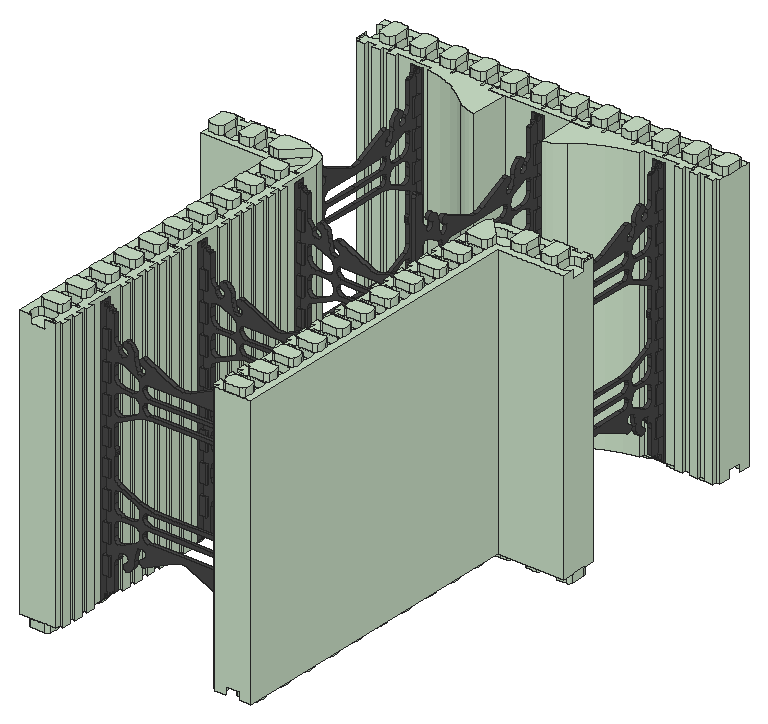
Revit family (continued)
Definition of nested family "NUDURA Logo Diamond"
  Lines and regions (mm)
    model lines
      curve 188: line (300.341, 0, 198.747) -> (300.341, 0, 201.381)
      curve 189: line (301.888, 0, 202.62) -> (312.702, 0, 200.199)
      curve 190: line (312.702, 0, 200.199) -> (312.702, 0, 206.628)
      curve 191: line (312.702, 0, 206.628) -> (306.843, 0, 207.728)
      curve 192: line (312.702, 0, 212.942) -> (312.702, 0, 227.241)
      curve 193: line (312.702, 0, 227.241) -> (309.138, 0, 228.034)
      curve 194: line (309.138, 0, 228.034) -> (309.138, 0, 217.291)
      curve 195: line (312.702, 0, 228.039) -> (312.702, 0, 234.164)
      curve 196: line (312.702, 0, 234.164) -> (302.326, 0, 236.488)
      curve 197: line (300.341, 0, 238.966) -> (300.341, 0, 241.6)
      curve 198: line (301.736, 0, 242.874) -> (312.702, 0, 240.418)
      curve 199: line (312.702, 0, 240.418) -> (312.702, 0, 253.611)
      curve 200: line (312.702, 0, 253.611) -> (302.429, 0, 255.912)
      curve 201: line (302.429, 0, 255.912) -> (312.702, 0, 259.27)
      curve 202: line (312.702, 0, 259.27) -> (312.702, 0, 269.344)
      curve 203: arc (296.768, 0, 245.246) -> (298.145, 0, 248.178) -> (301.281, 0, 248.991) r 3.81
      curve 204: arc (296.768, 0, 237.71) -> (298.44, 0, 232.946) -> (302.723, 0, 230.274) r 7.62
      curve 205: arc (300.842, 0, 208.826) -> (297.87, 0, 211.5) -> (296.768, 0, 215.343) r 7.251
      curve 206: arc (296.768, 0, 205.027) -> (297.979, 0, 207.812) -> (300.842, 0, 208.826) r 3.808
      curve 207: arc (296.768, 0, 197.49) -> (298.44, 0, 192.727) -> (302.723, 0, 190.055) r 7.62
      curve 208: arc (300.341, 0, 198.747) -> (300.898, 0, 197.159) -> (302.326, 0, 196.268) r 2.54
      curve 209: arc (300.341, 0, 201.381) -> (300.817, 0, 202.372) -> (301.888, 0, 202.62) r 1.27
      curve 210: arc (307.868, 0, 175.363) -> (306.969, 0, 175.735) -> (306.598, 0, 176.633) r 1.27
      curve 211: arc (308.892, 0, 175.363) -> (309.79, 0, 175.735) -> (310.162, 0, 176.633) r 1.27
      curve 212: arc (304.058, 0, 177.654) -> (303.686, 0, 176.756) -> (302.788, 0, 176.384) r 1.27
      curve 213: arc (302.342, 0, 169.594) -> (303.976, 0, 170.198) -> (304.826, 0, 171.718) r 2.516
      curve 214: arc (304.826, 0, 171.718) -> (309.07, 0, 168.432) -> (312.702, 0, 172.383) r 3.966
      curve 215: arc (306.843, 0, 207.728) -> (310.942, 0, 209.02) -> (312.702, 0, 212.942) r 5.249
      curve 216: arc (300.341, 0, 217.291) -> (304.739, 0, 212.893) -> (309.138, 0, 217.291) r 4.398
      curve 217: arc (300.341, 0, 238.966) -> (300.898, 0, 237.378) -> (302.326, 0, 236.488) r 2.54
      curve 218: arc (300.341, 0, 241.6) -> (300.886, 0, 242.648) -> (302.057, 0, 242.802) r 1.279
      curve 219: arc (285.685, 0, 308.065) -> (288.475, 0, 314.8) -> (295.21, 0, 317.59) r 9.525
      curve 220: arc (314.26, 0, 317.59) -> (320.995, 0, 314.8) -> (323.785, 0, 308.065) r 9.525
      curve 221: arc (285.685, 0, 149.315) -> (288.475, 0, 142.58) -> (295.21, 0, 139.79) r 9.525
      curve 222: arc (314.26, 0, 139.79) -> (320.995, 0, 142.58) -> (323.785, 0, 149.315) r 9.525
      curve 223: line (253.935, 0, 457.2) -> (253.935, 0, 0)
      curve 224: line (355.535, 0, 457.2) -> (355.535, 0, 0)
      curve 225: line (406.335, 0, 457.2) -> (406.335, 0, 0)
Definition of nested family "NUDURA Diamond Pattern Missing Two Lines"
  Reference planes
    plane 1 "Center (Front/Back)": y = 0
    plane 2: z = 0
    plane 3 "Center (Left/Right)": x = 0
    plane 4: z = 457.2
  Lines and regions (mm)
    model lines
      curve 1: line (50.8, -142.875, 457.2) -> (50.8, -142.875, 0)
      curve 2: line (85.183, -142.875, 431.415) -> (93.906, -142.875, 422.692)
      curve 3: arc (85.183, -142.875, 444.885) -> (82.394, -142.875, 438.15) -> (85.183, -142.875, 431.415) r 9.525
      curve 4: line (94.708, -142.875, 454.41) -> (85.183, -142.875, 444.885)
      curve 5: arc (108.179, -142.875, 454.41) -> (101.444, -142.875, 457.2) -> (94.708, -142.875, 454.41) r 9.525
      curve 6: line (117.704, -142.875, 444.885) -> (108.179, -142.875, 454.41)
      curve 7: arc (117.704, -142.875, 431.415) -> (120.494, -142.875, 438.15) -> (117.704, -142.875, 444.885) r 9.525
      curve 8: line (108.981, -142.875, 422.692) -> (117.704, -142.875, 431.415)
      curve 9: arc (105.934, -142.875, 452.165) -> (101.444, -142.875, 454.025) -> (96.953, -142.875, 452.165) r 6.35
      curve 10: line (115.459, -142.875, 442.64) -> (105.934, -142.875, 452.165)
      curve 11: arc (115.459, -142.875, 433.66) -> (117.319, -142.875, 438.15) -> (115.459, -142.875, 442.64) r 6.35
      curve 12: line (105.934, -142.875, 424.135) -> (115.459, -142.875, 433.66)
      curve 13: arc (96.953, -142.875, 424.135) -> (101.444, -142.875, 422.275) -> (105.934, -142.875, 424.135) r 6.35
      curve 14: line (87.428, -142.875, 433.66) -> (96.953, -142.875, 424.135)
      curve 15: arc (87.428, -142.875, 442.64) -> (85.569, -142.875, 438.15) -> (87.428, -142.875, 433.66) r 6.35
      curve 16: line (96.953, -142.875, 452.165) -> (87.428, -142.875, 442.64)
      curve 17: arc (93.906, -142.875, 415.508) -> (95.394, -142.875, 419.1) -> (93.906, -142.875, 422.692) r 5.08
      curve 18: line (117.704, -142.875, 406.785) -> (108.981, -142.875, 415.508)
      curve 19: arc (117.704, -142.875, 393.315) -> (120.494, -142.875, 400.05) -> (117.704, -142.875, 406.785) r 9.525
      curve 20: line (108.981, -142.875, 384.592) -> (117.704, -142.875, 393.315)
      curve 21: line (85.183, -142.875, 393.315) -> (93.906, -142.875, 384.592)
      curve 22: arc (85.183, -142.875, 406.785) -> (82.394, -142.875, 400.05) -> (85.183, -142.875, 393.315) r 9.525
      curve 23: line (93.906, -142.875, 415.508) -> (85.183, -142.875, 406.785)
      curve 24: arc (105.934, -142.875, 414.065) -> (101.444, -142.875, 415.925) -> (96.953, -142.875, 414.065) r 6.35
      curve 25: line (96.953, -142.875, 414.065) -> (87.428, -142.875, 404.54)
      curve 26: arc (87.428, -142.875, 404.54) -> (85.569, -142.875, 400.05) -> (87.428, -142.875, 395.56) r 6.35
      curve 27: line (87.428, -142.875, 395.56) -> (96.953, -142.875, 386.035)
      curve 28: arc (96.953, -142.875, 386.035) -> (101.444, -142.875, 384.175) -> (105.934, -142.875, 386.035) r 6.35
      curve 29: line (105.934, -142.875, 386.035) -> (115.459, -142.875, 395.56)
      curve 30: arc (115.459, -142.875, 395.56) -> (117.319, -142.875, 400.05) -> (115.459, -142.875, 404.54) r 6.35
      curve 31: line (115.459, -142.875, 404.54) -> (105.934, -142.875, 414.065)
      curve 32: arc (93.906, -142.875, 377.408) -> (95.394, -142.875, 381) -> (93.906, -142.875, 384.592) r 5.08
      curve 33: line (117.704, -142.875, 368.685) -> (108.981, -142.875, 377.408)
      curve 34: arc (117.704, -142.875, 355.215) -> (120.494, -142.875, 361.95) -> (117.704, -142.875, 368.685) r 9.525
      curve 35: line (108.981, -142.875, 346.492) -> (117.704, -142.875, 355.215)
      curve 36: line (85.183, -142.875, 355.215) -> (93.906, -142.875, 346.492)
      curve 37: arc (85.183, -142.875, 368.685) -> (82.394, -142.875, 361.95) -> (85.183, -142.875, 355.215) r 9.525
      curve 38: line (93.906, -142.875, 377.408) -> (85.183, -142.875, 368.685)
      curve 39: arc (105.934, -142.875, 375.965) -> (101.444, -142.875, 377.825) -> (96.953, -142.875, 375.965) r 6.35
      curve 40: line (96.953, -142.875, 375.965) -> (87.428, -142.875, 366.44)
      curve 41: arc (87.428, -142.875, 366.44) -> (85.569, -142.875, 361.95) -> (87.428, -142.875, 357.46) r 6.35
      curve 42: line (87.428, -142.875, 357.46) -> (96.953, -142.875, 347.935)
      curve 43: arc (96.953, -142.875, 347.935) -> (101.444, -142.875, 346.075) -> (105.934, -142.875, 347.935) r 6.35
      curve 44: line (105.934, -142.875, 347.935) -> (115.459, -142.875, 357.46)
      curve 45: arc (115.459, -142.875, 357.46) -> (117.319, -142.875, 361.95) -> (115.459, -142.875, 366.44) r 6.35
      curve 46: line (115.459, -142.875, 366.44) -> (105.934, -142.875, 375.965)
      curve 47: arc (93.906, -142.875, 339.308) -> (95.394, -142.875, 342.9) -> (93.906, -142.875, 346.492) r 5.08
      curve 48: line (117.704, -142.875, 330.585) -> (108.981, -142.875, 339.308)
      curve 49: arc (117.704, -142.875, 317.115) -> (120.494, -142.875, 323.85) -> (117.704, -142.875, 330.585) r 9.525
      curve 50: line (108.981, -142.875, 308.392) -> (117.704, -142.875, 317.115)
      curve 51: line (85.183, -142.875, 317.115) -> (93.906, -142.875, 308.392)
      curve 52: arc (85.183, -142.875, 330.585) -> (82.394, -142.875, 323.85) -> (85.183, -142.875, 317.115) r 9.525
      curve 53: line (93.906, -142.875, 339.308) -> (85.183, -142.875, 330.585)
      curve 54: arc (105.934, -142.875, 337.865) -> (101.444, -142.875, 339.725) -> (96.953, -142.875, 337.865) r 6.35
      curve 55: line (96.953, -142.875, 337.865) -> (87.428, -142.875, 328.34)
      curve 56: arc (87.428, -142.875, 328.34) -> (85.569, -142.875, 323.85) -> (87.428, -142.875, 319.36) r 6.35
      curve 57: line (87.428, -142.875, 319.36) -> (96.953, -142.875, 309.835)
      curve 58: arc (96.953, -142.875, 309.835) -> (101.444, -142.875, 307.975) -> (105.934, -142.875, 309.835) r 6.35
      curve 59: line (105.934, -142.875, 309.835) -> (115.459, -142.875, 319.36)
      curve 60: arc (115.459, -142.875, 319.36) -> (117.319, -142.875, 323.85) -> (115.459, -142.875, 328.34) r 6.35
      curve 61: line (115.459, -142.875, 328.34) -> (105.934, -142.875, 337.865)
      curve 62: arc (93.906, -142.875, 301.208) -> (95.394, -142.875, 304.8) -> (93.906, -142.875, 308.392) r 5.08
      curve 63: line (117.704, -142.875, 292.485) -> (108.981, -142.875, 301.208)
      curve 64: arc (117.704, -142.875, 279.015) -> (120.494, -142.875, 285.75) -> (117.704, -142.875, 292.485) r 9.525
      curve 65: line (108.981, -142.875, 270.292) -> (117.704, -142.875, 279.015)
      curve 66: line (85.183, -142.875, 279.015) -> (93.906, -142.875, 270.292)
      curve 67: arc (85.183, -142.875, 292.485) -> (82.394, -142.875, 285.75) -> (85.183, -142.875, 279.015) r 9.525
      curve 68: line (93.906, -142.875, 301.208) -> (85.183, -142.875, 292.485)
      curve 69: arc (105.934, -142.875, 299.765) -> (101.444, -142.875, 301.625) -> (96.953, -142.875, 299.765) r 6.35
      curve 70: line (96.953, -142.875, 299.765) -> (87.428, -142.875, 290.24)
      curve 71: arc (87.428, -142.875, 290.24) -> (85.569, -142.875, 285.75) -> (87.428, -142.875, 281.26) r 6.35
      curve 72: line (87.428, -142.875, 281.26) -> (96.953, -142.875, 271.735)
      curve 73: arc (96.953, -142.875, 271.735) -> (101.444, -142.875, 269.875) -> (105.934, -142.875, 271.735) r 6.35
      curve 74: line (105.934, -142.875, 271.735) -> (115.459, -142.875, 281.26)
      curve 75: arc (115.459, -142.875, 281.26) -> (117.319, -142.875, 285.75) -> (115.459, -142.875, 290.24) r 6.35
      curve 76: line (115.459, -142.875, 290.24) -> (105.934, -142.875, 299.765)
      curve 77: arc (93.906, -142.875, 263.108) -> (95.394, -142.875, 266.7) -> (93.906, -142.875, 270.292) r 5.08
      curve 78: line (117.704, -142.875, 254.385) -> (108.981, -142.875, 263.108)
      curve 79: arc (117.704, -142.875, 240.915) -> (120.494, -142.875, 247.65) -> (117.704, -142.875, 254.385) r 9.525
      curve 80: line (108.981, -142.875, 232.192) -> (117.704, -142.875, 240.915)
      curve 81: line (85.183, -142.875, 240.915) -> (93.906, -142.875, 232.192)
      curve 82: arc (85.183, -142.875, 254.385) -> (82.394, -142.875, 247.65) -> (85.183, -142.875, 240.915) r 9.525
      curve 83: line (93.906, -142.875, 263.108) -> (85.183, -142.875, 254.385)
      curve 84: arc (105.934, -142.875, 261.665) -> (101.444, -142.875, 263.525) -> (96.953, -142.875, 261.665) r 6.35
      curve 85: line (96.953, -142.875, 261.665) -> (87.428, -142.875, 252.14)
      curve 86: arc (87.428, -142.875, 252.14) -> (85.569, -142.875, 247.65) -> (87.428, -142.875, 243.16) r 6.35
      curve 87: line (87.428, -142.875, 243.16) -> (96.953, -142.875, 233.635)
      curve 88: arc (96.953, -142.875, 233.635) -> (101.444, -142.875, 231.775) -> (105.934, -142.875, 233.635) r 6.35
      curve 89: line (105.934, -142.875, 233.635) -> (115.459, -142.875, 243.16)
      curve 90: arc (115.459, -142.875, 243.16) -> (117.319, -142.875, 247.65) -> (115.459, -142.875, 252.14) r 6.35
      curve 91: line (115.459, -142.875, 252.14) -> (105.934, -142.875, 261.665)
      curve 92: arc (93.906, -142.875, 225.008) -> (95.394, -142.875, 228.6) -> (93.906, -142.875, 232.192) r 5.08
      curve 93: line (117.704, -142.875, 216.285) -> (108.981, -142.875, 225.008)
      curve 94: arc (117.704, -142.875, 202.815) -> (120.494, -142.875, 209.55) -> (117.704, -142.875, 216.285) r 9.525
      curve 95: line (108.981, -142.875, 194.092) -> (117.704, -142.875, 202.815)
      curve 96: line (85.183, -142.875, 202.815) -> (93.906, -142.875, 194.092)
      curve 97: arc (85.183, -142.875, 216.285) -> (82.394, -142.875, 209.55) -> (85.183, -142.875, 202.815) r 9.525
      curve 98: line (93.906, -142.875, 225.008) -> (85.183, -142.875, 216.285)
      curve 99: arc (105.934, -142.875, 223.565) -> (101.444, -142.875, 225.425) -> (96.953, -142.875, 223.565) r 6.35
      curve 100: line (96.953, -142.875, 223.565) -> (87.428, -142.875, 214.04)
      curve 101: arc (87.428, -142.875, 214.04) -> (85.569, -142.875, 209.55) -> (87.428, -142.875, 205.06) r 6.35
      curve 102: line (87.428, -142.875, 205.06) -> (96.953, -142.875, 195.535)
      curve 103: arc (96.953, -142.875, 195.535) -> (101.444, -142.875, 193.675) -> (105.934, -142.875, 195.535) r 6.35
      curve 104: line (105.934, -142.875, 195.535) -> (115.459, -142.875, 205.06)
      curve 105: arc (115.459, -142.875, 205.06) -> (117.319, -142.875, 209.55) -> (115.459, -142.875, 214.04) r 6.35
      curve 106: line (115.459, -142.875, 214.04) -> (105.934, -142.875, 223.565)
      curve 107: arc (93.906, -142.875, 186.908) -> (95.394, -142.875, 190.5) -> (93.906, -142.875, 194.092) r 5.08
      curve 108: line (117.704, -142.875, 178.185) -> (108.981, -142.875, 186.908)
      curve 109: arc (117.704, -142.875, 164.715) -> (120.494, -142.875, 171.45) -> (117.704, -142.875, 178.185) r 9.525
      curve 110: line (108.981, -142.875, 155.992) -> (117.704, -142.875, 164.715)
      curve 111: line (85.183, -142.875, 164.715) -> (93.906, -142.875, 155.992)
      curve 112: arc (85.183, -142.875, 178.185) -> (82.394, -142.875, 171.45) -> (85.183, -142.875, 164.715) r 9.525
      curve 113: line (93.906, -142.875, 186.908) -> (85.183, -142.875, 178.185)
      curve 114: arc (105.934, -142.875, 185.465) -> (101.444, -142.875, 187.325) -> (96.953, -142.875, 185.465) r 6.35
      curve 115: line (96.953, -142.875, 185.465) -> (87.428, -142.875, 175.94)
      curve 116: arc (87.428, -142.875, 175.94) -> (85.569, -142.875, 171.45) -> (87.428, -142.875, 166.96) r 6.35
      curve 117: line (87.428, -142.875, 166.96) -> (96.953, -142.875, 157.435)
      curve 118: arc (96.953, -142.875, 157.435) -> (101.444, -142.875, 155.575) -> (105.934, -142.875, 157.435) r 6.35
      curve 119: line (105.934, -142.875, 157.435) -> (115.459, -142.875, 166.96)
      curve 120: arc (115.459, -142.875, 166.96) -> (117.319, -142.875, 171.45) -> (115.459, -142.875, 175.94) r 6.35
      curve 121: line (115.459, -142.875, 175.94) -> (105.934, -142.875, 185.465)
      curve 122: arc (93.906, -142.875, 148.808) -> (95.394, -142.875, 152.4) -> (93.906, -142.875, 155.992) r 5.08
      curve 123: line (117.704, -142.875, 140.085) -> (108.981, -142.875, 148.808)
      curve 124: arc (117.704, -142.875, 126.615) -> (120.494, -142.875, 133.35) -> (117.704, -142.875, 140.085) r 9.525
      curve 125: line (108.981, -142.875, 117.892) -> (117.704, -142.875, 126.615)
      curve 126: line (85.183, -142.875, 126.615) -> (93.906, -142.875, 117.892)
      curve 127: arc (85.183, -142.875, 140.085) -> (82.394, -142.875, 133.35) -> (85.183, -142.875, 126.615) r 9.525
      curve 128: line (93.906, -142.875, 148.808) -> (85.183, -142.875, 140.085)
      curve 129: arc (105.934, -142.875, 147.365) -> (101.444, -142.875, 149.225) -> (96.953, -142.875, 147.365) r 6.35
      curve 130: line (96.953, -142.875, 147.365) -> (87.428, -142.875, 137.84)
      curve 131: arc (87.428, -142.875, 137.84) -> (85.569, -142.875, 133.35) -> (87.428, -142.875, 128.86) r 6.35
      curve 132: line (87.428, -142.875, 128.86) -> (96.953, -142.875, 119.335)
      curve 133: arc (96.953, -142.875, 119.335) -> (101.444, -142.875, 117.475) -> (105.934, -142.875, 119.335) r 6.35
      curve 134: line (105.934, -142.875, 119.335) -> (115.459, -142.875, 128.86)
      curve 135: arc (115.459, -142.875, 128.86) -> (117.319, -142.875, 133.35) -> (115.459, -142.875, 137.84) r 6.35
      curve 136: line (115.459, -142.875, 137.84) -> (105.934, -142.875, 147.365)
      curve 137: arc (93.906, -142.875, 110.708) -> (95.394, -142.875, 114.3) -> (93.906, -142.875, 117.892) r 5.08
      curve 138: line (117.704, -142.875, 101.985) -> (108.981, -142.875, 110.708)
      curve 139: arc (117.704, -142.875, 88.515) -> (120.494, -142.875, 95.25) -> (117.704, -142.875, 101.985) r 9.525
      curve 140: line (108.981, -142.875, 79.792) -> (117.704, -142.875, 88.515)
      curve 141: line (85.183, -142.875, 88.515) -> (93.906, -142.875, 79.792)
      curve 142: arc (85.183, -142.875, 101.985) -> (82.394, -142.875, 95.25) -> (85.183, -142.875, 88.515) r 9.525
      curve 143: line (93.906, -142.875, 110.708) -> (85.183, -142.875, 101.985)
      curve 144: arc (105.934, -142.875, 109.265) -> (101.444, -142.875, 111.125) -> (96.953, -142.875, 109.265) r 6.35
      curve 145: line (96.953, -142.875, 109.265) -> (87.428, -142.875, 99.74)
      curve 146: arc (87.428, -142.875, 99.74) -> (85.569, -142.875, 95.25) -> (87.428, -142.875, 90.76) r 6.35
      curve 147: line (87.428, -142.875, 90.76) -> (96.953, -142.875, 81.235)
      curve 148: arc (96.953, -142.875, 81.235) -> (101.444, -142.875, 79.375) -> (105.934, -142.875, 81.235) r 6.35
      curve 149: line (105.934, -142.875, 81.235) -> (115.459, -142.875, 90.76)
      curve 150: arc (115.459, -142.875, 90.76) -> (117.319, -142.875, 95.25) -> (115.459, -142.875, 99.74) r 6.35
      curve 151: line (115.459, -142.875, 99.74) -> (105.934, -142.875, 109.265)
      curve 152: arc (93.906, -142.875, 72.608) -> (95.394, -142.875, 76.2) -> (93.906, -142.875, 79.792) r 5.08
      curve 153: line (117.704, -142.875, 63.885) -> (108.981, -142.875, 72.608)
      curve 154: arc (117.704, -142.875, 50.415) -> (120.494, -142.875, 57.15) -> (117.704, -142.875, 63.885) r 9.525
      curve 155: line (108.981, -142.875, 41.692) -> (117.704, -142.875, 50.415)
      curve 156: line (85.183, -142.875, 50.415) -> (93.906, -142.875, 41.692)
      curve 157: arc (85.183, -142.875, 63.885) -> (82.394, -142.875, 57.15) -> (85.183, -142.875, 50.415) r 9.525
      curve 158: line (93.906, -142.875, 72.608) -> (85.183, -142.875, 63.885)
      curve 159: arc (105.934, -142.875, 71.165) -> (101.444, -142.875, 73.025) -> (96.953, -142.875, 71.165) r 6.35
      curve 160: line (96.953, -142.875, 71.165) -> (87.428, -142.875, 61.64)
      curve 161: arc (87.428, -142.875, 61.64) -> (85.569, -142.875, 57.15) -> (87.428, -142.875, 52.66) r 6.35
      curve 162: line (87.428, -142.875, 52.66) -> (96.953, -142.875, 43.135)
      curve 163: arc (96.953, -142.875, 43.135) -> (101.444, -142.875, 41.275) -> (105.934, -142.875, 43.135) r 6.35
      curve 164: line (105.934, -142.875, 43.135) -> (115.459, -142.875, 52.66)
      curve 165: arc (115.459, -142.875, 52.66) -> (117.319, -142.875, 57.15) -> (115.459, -142.875, 61.64) r 6.35
      curve 166: line (115.459, -142.875, 61.64) -> (105.934, -142.875, 71.165)
      curve 167: arc (93.906, -142.875, 34.508) -> (95.394, -142.875, 38.1) -> (93.906, -142.875, 41.692) r 5.08
      curve 168: line (93.906, -142.875, 34.508) -> (85.183, -142.875, 25.785)
      curve 169: arc (85.183, -142.875, 25.785) -> (82.394, -142.875, 19.05) -> (85.183, -142.875, 12.315) r 9.525
      curve 170: line (85.183, -142.875, 12.315) -> (94.708, -142.875, 2.79)
      curve 171: arc (94.708, -142.875, 2.79) -> (101.444, -142.875, 0) -> (108.179, -142.875, 2.79) r 9.525
      curve 172: line (108.179, -142.875, 2.79) -> (117.704, -142.875, 12.315)
      curve 173: arc (117.704, -142.875, 12.315) -> (120.494, -142.875, 19.05) -> (117.704, -142.875, 25.785) r 9.525
      curve 174: line (117.704, -142.875, 25.785) -> (108.981, -142.875, 34.508)
      curve 175: arc (108.981, -142.875, 41.692) -> (107.493, -142.875, 38.1) -> (108.981, -142.875, 34.508) r 5.08
      curve 176: arc (105.934, -142.875, 33.065) -> (101.444, -142.875, 34.925) -> (96.953, -142.875, 33.065) r 6.35
      curve 177: line (115.459, -142.875, 23.54) -> (105.934, -142.875, 33.065)
      curve 178: arc (115.459, -142.875, 14.56) -> (117.319, -142.875, 19.05) -> (115.459, -142.875, 23.54) r 6.35
      curve 179: line (105.934, -142.875, 5.035) -> (115.459, -142.875, 14.56)
      curve 180: arc (96.953, -142.875, 5.035) -> (101.444, -142.875, 3.175) -> (105.934, -142.875, 5.035) r 6.35
      curve 181: line (87.428, -142.875, 14.56) -> (96.953, -142.875, 5.035)
      curve 182: arc (87.428, -142.875, 23.54) -> (85.569, -142.875, 19.05) -> (87.428, -142.875, 14.56) r 6.35
      curve 183: line (96.953, -142.875, 33.065) -> (87.428, -142.875, 23.54)
      curve 184: arc (108.981, -142.875, 79.792) -> (107.493, -142.875, 76.2) -> (108.981, -142.875, 72.608) r 5.08
      curve 185: arc (108.981, -142.875, 117.892) -> (107.493, -142.875, 114.3) -> (108.981, -142.875, 110.708) r 5.08
      curve 186: arc (108.981, -142.875, 155.992) -> (107.493, -142.875, 152.4) -> (108.981, -142.875, 148.808) r 5.08
      curve 187: arc (108.981, -142.875, 194.092) -> (107.493, -142.875, 190.5) -> (108.981, -142.875, 186.908) r 5.08
      curve 188: arc (108.981, -142.875, 232.192) -> (107.493, -142.875, 228.6) -> (108.981, -142.875, 225.008) r 5.08
      curve 189: arc (108.981, -142.875, 270.292) -> (107.493, -142.875, 266.7) -> (108.981, -142.875, 263.108) r 5.08
      curve 190: arc (108.981, -142.875, 308.392) -> (107.493, -142.875, 304.8) -> (108.981, -142.875, 301.208) r 5.08
      curve 191: arc (108.981, -142.875, 346.492) -> (107.493, -142.875, 342.9) -> (108.981, -142.875, 339.308) r 5.08
      curve 192: arc (108.981, -142.875, 384.592) -> (107.493, -142.875, 381) -> (108.981, -142.875, 377.408) r 5.08
      curve 193: arc (108.981, -142.875, 422.692) -> (107.493, -142.875, 419.1) -> (108.981, -142.875, 415.508) r 5.08
